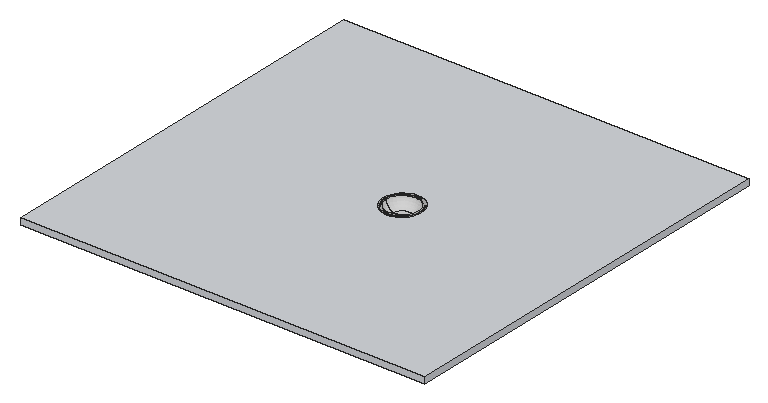
Revit family "RLC8ML", category Lighting Fixtures, host Face, Revit 2014
Parameters (values of type "RLC6ML")
  Wattage Comments = "52W - 68W"
  Wattage = 52 W
  Warranty = "5 Year Warranty"
  built-in parameter 1150110 = 1 (stored number, unit not read)
  Voltage = 120 V
  URL = "http://www.prescolite.com/"
  built-in parameter 1114217 = 1 (stored number, unit not read)
  Tilt Angle = -90.00°  # constant formula
  built-in parameter 1150109 = 1 (stored number, unit not read)
  built-in parameter 1150134 = (empty or 0)
  built-in parameter 1150113 = 1 (stored number, unit not read)
  Product Page URL = "https://www.hubbell.com/hubbelllightingci/en/Products/Lighting-Controls/Commercial-Indoor-Lighting/Recessed-Downlights/RLC8/p/213019"
  Product Documentation Link = "https://hubbellcdn.com/specsheet/rtf_025.pdf"
  Photometric Web File = "RLC8HL-8LCHL45L30K8.ies"
  Model = "RLC8ML"  # constant formula
  Manufacturer = "Prescolite"  # constant formula
  built-in parameter 1150105 = 614.67 (stored number, unit not read)
  Lumens = 7724.18 lm
  built-in parameter 1150115 = 1 (stored number, unit not read)
  Load Classification = Lighting
  built-in parameter 1150137 = (empty or 0)
  built-in parameter 1150139 = (empty or 0)
  built-in parameter 1150112 = 1 (stored number, unit not read)
  built-in parameter 1150114 = 1 (stored number, unit not read)
  Lamp = "LED"
  Input Watts = 52 W
  built-in parameter 1150132 = (empty or 0)
  built-in parameter 1150102 = (empty or 0)
  built-in parameter 1150107 = 3000 (stored number, unit not read)
  built-in parameter 1150138 = (empty or 0)
  built-in parameter 1150106 = 6.1467 (stored number, unit not read)
  Housing = Hubbell - Steel
  Reflector = Hubbell - Aluminum
  Emit from Circle Diameter = 8"  # constant formula
  Emit Shape Visible in Rendering = no
  built-in parameter 1150104 = 13.8 (stored number, unit not read)
  Dimming Lamp Color Temperature Shift = <None>
  Description = "Retroficient is designed specifically to retrofit into ceilings with existing recessed downlight fixtures"  # constant formula
  Default Elevation = 48"
  Contact us = "https://www.hubbell.com/prescolite/en/contactUs"
  Color Filter = 16777215
  Certifications = "CSA & Wet Listed"
  built-in parameter 1114218 = 1 (stored number, unit not read)
  Back Plate = Hubbell - Black
  built-in parameter 1150133 = 10 (stored number, unit not read)
  Apparent Load = 0 VA
Reference planes (in)
  plane 1 "Center (Front/Back)": y = 0
  plane 2: z = 0
  plane 3 "Center (Left/Right)": x = 0
  plane 4: x = -6.5004
  plane 5: z = -3
  plane 6: x = 0.0625
  plane 7: z = -0.8125
  plane 8: z = -7
  plane 9: z = -3.125
  plane 10: x = -3.25
  plane 11: x = 4.2496
  plane 12: y = 1.99568
  plane 13: y = -1.99568
  plane 14: z = 0.0625
  plane 15: z = 0.1875
Forms (in)
  Extrusion 1, solid
    sketch origin (0, 0, 0) x (1, 0, 0) y (0, 1, 0)
      loop
        line (-48, 48) -> (-48, -48) -> (48, -48) -> (48, 48) -> (-48, 48)
    from -0.0625 to -1.5
  Extrusion 2, solid, material "Hubbell - Steel" <- "Housing"
    sketch origin (0, 0, 0) x (1, 0, 0) y (0, 1, 0)
      loop
        circle (4.2496, 0) r 4.5
      loop
        circle (4.2496, 0) r 3.875
    from 0 to 0.0625
  Revolve 3, solid, material "Hubbell - Aluminum" <- "Reflector"
    sketch origin (0, 0, -0.13258) x (1, 0, 0) y (0, 0, 1)
      loop
        line (3.12998, -4.3637) -> (3.12998, -6.86742) -> (4.2496, -6.86742) -> (4.2496, -2.2006) -> (2.1525, -2.2006)
        arc (2.1525, -2.2006) -> (0.83476, -1.29797) -> (0.1243, 0.13258) r 3.1705
        line (0.1243, 0.13258) -> (0.0618, 0.13258)
        arc (0.0618, 0.13258) -> (0.20112, -1.47855) -> (0.6186, -3.04087) r 9.2597
        arc (0.6186, -3.04087) -> (1.00209, -3.73043) -> (1.47273, -4.3637) r 6.00024
        line (1.47273, -4.3637) -> (3.12998, -4.3637)
      axis (4.2496, 0.13258) -> (4.2496, -6.86742)
    angle from 0 to 360
  Extrusion 4, solid, material "Hubbell - Steel" <- "Housing"
    sketch origin (0, 0, 0) x (1, 0, 0) y (0, 1, 0)
      loop
        line (0.22342, 1) -> (-0.65625, 1) -> (-1.65193, 1.99568) -> (-6.5004, 1.99568) -> (-6.5004, 0) -> (-6.5004, -1.99568) -> (-1.65193, -1.99568) -> (-0.65625, -1) -> (0.22342, -1)
        arc (0.22342, -1) -> (0.0625, 0) -> (0.22342, 1) r 3.1875
    from -3.125 to -3
  Extrusion 5, solid, material "Hubbell - Steel" <- "Housing"
    sketch origin (0, 0, 0) x (1, 0, 0) y (0, 1, 0)
      loop
        line (-6.5004, 1.99568) -> (-6.5004, -1.99568) -> (-3.25, -1.99568) -> (-3.25, 1.99568) -> (-6.5004, 1.99568)
    from -3.125 to -7
  Extrusion 6, solid, material "Hubbell - Black" <- "Back Plate"
    sketch origin (2.38338, -179.7047, -4.14055) x (0, -1, 0) y (-1, 0, 0)
      loop
        line (-180.82431, -1.91699) -> (-180.82431, -1.81543) -> (-182.54239, -1.81543) -> (-182.54239, -1.91699) -> (-180.82431, -1.91699)
    from 0.60573 to 2.85945
  Revolve 7, solid, material "Hubbell - Steel" <- "Housing"
    sketch origin (0, 0, 0) x (1, 0, 0) y (0, 0, 1)
      loop
        line (0, 0) -> (0, -0.8125) -> (0.0625, -0.8125) -> (0.0625, 0) -> (0, 0)
      axis (4.2496, 0) -> (4.2496, -0.8125)
    angle from 0 to 360
  Extrusion 8, solid, material "Hubbell - Steel" <- "Housing"
    sketch origin (1.38379, -180, 0) x (0, -1, 0) y (1, 0, 0)
      loop
        line (-179, -1.22612) -> (-179, -1.16036)
        arc (-179, -1.16036) -> (-180, -1.32129) -> (-181, -1.16036) r 3.1875
        line (-181, -1.16036) -> (-181, -1.22612)
        arc (-181, -1.22612) -> (-180, -1.38379) -> (-179, -1.22612) r 3.25
    from -3.125 to -0.8125
  Extrusion 9, solid, material "Hubbell - Black" <- "Back Plate"
    sketch origin (30.51837, -177.78417, -4.14055) x (0.156434, -0.987688, 0) y (-0.987688, -0.156434, 0)
      loop
        line (-180.82431, -1.91699) -> (-180.82431, -1.81543) -> (-182.54239, -1.81543) -> (-182.54239, -1.91699) -> (-180.82431, -1.91699)
    from 0.60573 to 2.85945
  Extrusion 10, solid, material "Hubbell - Black" <- "Back Plate"
    sketch origin (-25.70565, -177.20029, -4.14055) x (-0.156434, -0.987688, 0) y (-0.987688, 0.156434, 0)
      loop
        line (-180.82431, -1.91699) -> (-180.82431, -1.81543) -> (-182.54239, -1.81543) -> (-182.54239, -1.91699) -> (-180.82431, -1.91699)
    from 0.60573 to 2.85945
  Extrusion 11, solid, material "Hubbell - Black" <- "Back Plate"
    sketch origin (-53.05708, -170.33263, -4.14055) x (-0.309017, -0.951057, 0) y (-0.951057, 0.309017, 0)
      loop
        line (-180.82431, -1.91699) -> (-180.82431, -1.81543) -> (-182.54239, -1.81543) -> (-182.54239, -1.91699) -> (-180.82431, -1.91699)
    from 0.60573 to 2.85945
  Extrusion 12, solid, material "Hubbell - Black" <- "Back Plate"
    sketch origin (-78.99744, -159.27081, -4.14055) x (-0.45399, -0.891007, 0) y (-0.891007, 0.45399, 0)
      loop
        line (-180.82431, -1.91699) -> (-180.82431, -1.81543) -> (-182.54239, -1.81543) -> (-182.54239, -1.91699) -> (-180.82431, -1.91699)
    from 0.60573 to 2.85945
  Extrusion 13, solid, material "Hubbell - Black" <- "Back Plate"
    sketch origin (-102.88797, -144.28722, -4.14055) x (-0.587785, -0.809017, 0) y (-0.809017, 0.587785, 0)
      loop
        line (-180.82431, -1.91699) -> (-180.82431, -1.81543) -> (-182.54239, -1.81543) -> (-182.54239, -1.91699) -> (-180.82431, -1.91699)
    from 0.60573 to 2.85945
  Extrusion 14, solid, material "Hubbell - Black" <- "Back Plate"
    sketch origin (-124.14043, -125.7508, -4.14055) x (-0.707107, -0.707107, 0) y (-0.707107, 0.707107, 0)
      loop
        line (-180.82431, -1.91699) -> (-180.82431, -1.81543) -> (-182.54239, -1.81543) -> (-182.54239, -1.91699) -> (-180.82431, -1.91699)
    from 0.60573 to 2.85945
  Extrusion 15, solid, material "Hubbell - Black" <- "Back Plate"
    sketch origin (-142.23149, -104.11797, -4.14055) x (-0.809017, -0.587785, 0) y (-0.587785, 0.809017, 0)
      loop
        line (-180.82431, -1.91699) -> (-180.82431, -1.81543) -> (-182.54239, -1.81543) -> (-182.54239, -1.91699) -> (-180.82431, -1.91699)
    from 0.60573 to 2.85945
  Extrusion 16, solid, material "Hubbell - Black" <- "Back Plate"
    sketch origin (-156.7157, -79.92142, -4.14055) x (-0.891007, -0.45399, 0) y (-0.45399, 0.891007, 0)
      loop
        line (-180.82431, -1.91699) -> (-180.82431, -1.81543) -> (-182.54239, -1.81543) -> (-182.54239, -1.91699) -> (-180.82431, -1.91699)
    from 0.60573 to 2.85945
  Extrusion 17, solid, material "Hubbell - Black" <- "Back Plate"
    sketch origin (-167.23642, -53.75693, -4.14055) x (-0.951057, -0.309017, 0) y (-0.309017, 0.951057, 0)
      loop
        line (-180.82431, -1.91699) -> (-180.82431, -1.81543) -> (-182.54239, -1.81543) -> (-182.54239, -1.91699) -> (-180.82431, -1.91699)
    from 0.60573 to 2.85945
  Extrusion 18, solid, material "Hubbell - Black" <- "Back Plate"
    sketch origin (-173.53458, -26.26877, -4.14055) x (-0.987688, -0.156434, 0) y (-0.156434, 0.987688, 0)
      loop
        line (-180.82431, -1.91699) -> (-180.82431, -1.81543) -> (-182.54239, -1.81543) -> (-182.54239, -1.91699) -> (-180.82431, -1.91699)
    from 0.60573 to 2.85945
  Extrusion 19, solid, material "Hubbell - Black" <- "Back Plate"
    sketch origin (-175.4551, 1.86621, -4.14055) x (-1, 0, 0) y (0, 1, 0)
      loop
        line (-180.82431, -1.91699) -> (-180.82431, -1.81543) -> (-182.54239, -1.81543) -> (-182.54239, -1.91699) -> (-180.82431, -1.91699)
    from 0.60573 to 2.85945
  Extrusion 20, solid, material "Hubbell - Black" <- "Back Plate"
    sketch origin (-172.9507, 29.95524, -4.14055) x (-0.987688, 0.156434, 0) y (0.156434, 0.987688, 0)
      loop
        line (-180.82431, -1.91699) -> (-180.82431, -1.81543) -> (-182.54239, -1.81543) -> (-182.54239, -1.91699) -> (-180.82431, -1.91699)
    from 0.60573 to 2.85945
  Extrusion 21, solid, material "Hubbell - Black" <- "Back Plate"
    sketch origin (-166.08304, 57.30668, -4.14055) x (-0.951057, 0.309017, 0) y (0.309017, 0.951057, 0)
      loop
        line (-180.82431, -1.91699) -> (-180.82431, -1.81543) -> (-182.54239, -1.81543) -> (-182.54239, -1.91699) -> (-180.82431, -1.91699)
    from 0.60573 to 2.85945
  Extrusion 22, solid, material "Hubbell - Black" <- "Back Plate"
    sketch origin (-155.02122, 83.24703, -4.14055) x (-0.891007, 0.45399, 0) y (0.45399, 0.891007, 0)
      loop
        line (-180.82431, -1.91699) -> (-180.82431, -1.81543) -> (-182.54239, -1.81543) -> (-182.54239, -1.91699) -> (-180.82431, -1.91699)
    from 0.60573 to 2.85945
  Extrusion 23, solid, material "Hubbell - Black" <- "Back Plate"
    sketch origin (-140.03763, 107.13757, -4.14055) x (-0.809017, 0.587785, 0) y (0.587785, 0.809017, 0)
      loop
        line (-180.82431, -1.91699) -> (-180.82431, -1.81543) -> (-182.54239, -1.81543) -> (-182.54239, -1.91699) -> (-180.82431, -1.91699)
    from 0.60573 to 2.85945
  Extrusion 24, solid, material "Hubbell - Black" <- "Back Plate"
    sketch origin (-121.5012, 128.39002, -4.14055) x (-0.707107, 0.707107, 0) y (0.707107, 0.707107, 0)
      loop
        line (-180.82431, -1.91699) -> (-180.82431, -1.81543) -> (-182.54239, -1.81543) -> (-182.54239, -1.91699) -> (-180.82431, -1.91699)
    from 0.60573 to 2.85945
  Extrusion 25, solid, material "Hubbell - Black" <- "Back Plate"
    sketch origin (-99.86838, 146.48109, -4.14055) x (-0.587785, 0.809017, 0) y (0.809017, 0.587785, 0)
      loop
        line (-180.82431, -1.91699) -> (-180.82431, -1.81543) -> (-182.54239, -1.81543) -> (-182.54239, -1.91699) -> (-180.82431, -1.91699)
    from 0.60573 to 2.85945
  Extrusion 26, solid, material "Hubbell - Black" <- "Back Plate"
    sketch origin (-75.67182, 160.9653, -4.14055) x (-0.45399, 0.891007, 0) y (0.891007, 0.45399, 0)
      loop
        line (-180.82431, -1.91699) -> (-180.82431, -1.81543) -> (-182.54239, -1.81543) -> (-182.54239, -1.91699) -> (-180.82431, -1.91699)
    from 0.60573 to 2.85945
  Extrusion 27, solid, material "Hubbell - Black" <- "Back Plate"
    sketch origin (-49.50734, 171.48601, -4.14055) x (-0.309017, 0.951057, 0) y (0.951057, 0.309017, 0)
      loop
        line (-180.82431, -1.91699) -> (-180.82431, -1.81543) -> (-182.54239, -1.81543) -> (-182.54239, -1.91699) -> (-180.82431, -1.91699)
    from 0.60573 to 2.85945
  Extrusion 28, solid, material "Hubbell - Black" <- "Back Plate"
    sketch origin (-22.01918, 177.78417, -4.14055) x (-0.156434, 0.987688, 0) y (0.987688, 0.156434, 0)
      loop
        line (-180.82431, -1.91699) -> (-180.82431, -1.81543) -> (-182.54239, -1.81543) -> (-182.54239, -1.91699) -> (-180.82431, -1.91699)
    from 0.60573 to 2.85945
  Extrusion 29, solid, material "Hubbell - Black" <- "Back Plate"
    sketch origin (6.11581, 179.7047, -4.14055) x (0, 1, 0) y (1, 0, 0)
      loop
        line (-180.82431, -1.91699) -> (-180.82431, -1.81543) -> (-182.54239, -1.81543) -> (-182.54239, -1.91699) -> (-180.82431, -1.91699)
    from 0.60573 to 2.85945
  Extrusion 30, solid, material "Hubbell - Black" <- "Back Plate"
    sketch origin (34.20484, 177.20029, -4.14055) x (0.156434, 0.987688, 0) y (0.987688, -0.156434, 0)
      loop
        line (-180.82431, -1.91699) -> (-180.82431, -1.81543) -> (-182.54239, -1.81543) -> (-182.54239, -1.91699) -> (-180.82431, -1.91699)
    from 0.60573 to 2.85945
  Extrusion 31, solid, material "Hubbell - Black" <- "Back Plate"
    sketch origin (61.55627, 170.33263, -4.14055) x (0.309017, 0.951057, 0) y (0.951057, -0.309017, 0)
      loop
        line (-180.82431, -1.91699) -> (-180.82431, -1.81543) -> (-182.54239, -1.81543) -> (-182.54239, -1.91699) -> (-180.82431, -1.91699)
    from 0.60573 to 2.85945
  Extrusion 32, solid, material "Hubbell - Black" <- "Back Plate"
    sketch origin (87.49663, 159.27081, -4.14055) x (0.45399, 0.891007, 0) y (0.891007, -0.45399, 0)
      loop
        line (-180.82431, -1.91699) -> (-180.82431, -1.81543) -> (-182.54239, -1.81543) -> (-182.54239, -1.91699) -> (-180.82431, -1.91699)
    from 0.60573 to 2.85945
  Extrusion 33, solid, material "Hubbell - Black" <- "Back Plate"
    sketch origin (111.38716, 144.28722, -4.14055) x (0.587785, 0.809017, 0) y (0.809017, -0.587785, 0)
      loop
        line (-180.82431, -1.91699) -> (-180.82431, -1.81543) -> (-182.54239, -1.81543) -> (-182.54239, -1.91699) -> (-180.82431, -1.91699)
    from 0.60573 to 2.85945
  Extrusion 34, solid, material "Hubbell - Black" <- "Back Plate"
    sketch origin (132.63962, 125.7508, -4.14055) x (0.707107, 0.707107, 0) y (0.707107, -0.707107, 0)
      loop
        line (-180.82431, -1.91699) -> (-180.82431, -1.81543) -> (-182.54239, -1.81543) -> (-182.54239, -1.91699) -> (-180.82431, -1.91699)
    from 0.60573 to 2.85945
  Extrusion 35, solid, material "Hubbell - Black" <- "Back Plate"
    sketch origin (150.73068, 104.11797, -4.14055) x (0.809017, 0.587785, 0) y (0.587785, -0.809017, 0)
      loop
        line (-180.82431, -1.91699) -> (-180.82431, -1.81543) -> (-182.54239, -1.81543) -> (-182.54239, -1.91699) -> (-180.82431, -1.91699)
    from 0.60573 to 2.85945
  Extrusion 36, solid, material "Hubbell - Black" <- "Back Plate"
    sketch origin (165.2149, 79.92142, -4.14055) x (0.891007, 0.45399, 0) y (0.45399, -0.891007, 0)
      loop
        line (-180.82431, -1.91699) -> (-180.82431, -1.81543) -> (-182.54239, -1.81543) -> (-182.54239, -1.91699) -> (-180.82431, -1.91699)
    from 0.60573 to 2.85945
  Extrusion 37, solid, material "Hubbell - Black" <- "Back Plate"
    sketch origin (175.73561, 53.75693, -4.14055) x (0.951057, 0.309017, 0) y (0.309017, -0.951057, 0)
      loop
        line (-180.82431, -1.91699) -> (-180.82431, -1.81543) -> (-182.54239, -1.81543) -> (-182.54239, -1.91699) -> (-180.82431, -1.91699)
    from 0.60573 to 2.85945
  Extrusion 38, solid, material "Hubbell - Black" <- "Back Plate"
    sketch origin (182.03377, 26.26877, -4.14055) x (0.987688, 0.156434, 0) y (0.156434, -0.987688, 0)
      loop
        line (-180.82431, -1.91699) -> (-180.82431, -1.81543) -> (-182.54239, -1.81543) -> (-182.54239, -1.91699) -> (-180.82431, -1.91699)
    from 0.60573 to 2.85945
  Extrusion 39, solid, material "Hubbell - Black" <- "Back Plate"
    sketch origin (183.95429, -1.86621, -4.14055) x (1, 0, 0) y (0, -1, 0)
      loop
        line (-180.82431, -1.91699) -> (-180.82431, -1.81543) -> (-182.54239, -1.81543) -> (-182.54239, -1.91699) -> (-180.82431, -1.91699)
    from 0.60573 to 2.85945
  Extrusion 40, solid, material "Hubbell - Black" <- "Back Plate"
    sketch origin (181.44989, -29.95524, -4.14055) x (0.987688, -0.156434, 0) y (-0.156434, -0.987688, 0)
      loop
        line (-180.82431, -1.91699) -> (-180.82431, -1.81543) -> (-182.54239, -1.81543) -> (-182.54239, -1.91699) -> (-180.82431, -1.91699)
    from 0.60573 to 2.85945
  Extrusion 41, solid, material "Hubbell - Black" <- "Back Plate"
    sketch origin (174.58223, -57.30668, -4.14055) x (0.951057, -0.309017, 0) y (-0.309017, -0.951057, 0)
      loop
        line (-180.82431, -1.91699) -> (-180.82431, -1.81543) -> (-182.54239, -1.81543) -> (-182.54239, -1.91699) -> (-180.82431, -1.91699)
    from 0.60573 to 2.85945
  Extrusion 42, solid, material "Hubbell - Black" <- "Back Plate"
    sketch origin (163.52041, -83.24703, -4.14055) x (0.891007, -0.45399, 0) y (-0.45399, -0.891007, 0)
      loop
        line (-180.82431, -1.91699) -> (-180.82431, -1.81543) -> (-182.54239, -1.81543) -> (-182.54239, -1.91699) -> (-180.82431, -1.91699)
    from 0.60573 to 2.85945
  Extrusion 43, solid, material "Hubbell - Black" <- "Back Plate"
    sketch origin (148.53682, -107.13757, -4.14055) x (0.809017, -0.587785, 0) y (-0.587785, -0.809017, 0)
      loop
        line (-180.82431, -1.91699) -> (-180.82431, -1.81543) -> (-182.54239, -1.81543) -> (-182.54239, -1.91699) -> (-180.82431, -1.91699)
    from 0.60573 to 2.85945
  Extrusion 44, solid, material "Hubbell - Black" <- "Back Plate"
    sketch origin (130.00039, -128.39002, -4.14055) x (0.707107, -0.707107, 0) y (-0.707107, -0.707107, 0)
      loop
        line (-180.82431, -1.91699) -> (-180.82431, -1.81543) -> (-182.54239, -1.81543) -> (-182.54239, -1.91699) -> (-180.82431, -1.91699)
    from 0.60573 to 2.85945
  Extrusion 45, solid, material "Hubbell - Black" <- "Back Plate"
    sketch origin (108.36757, -146.48109, -4.14055) x (0.587785, -0.809017, 0) y (-0.809017, -0.587785, 0)
      loop
        line (-180.82431, -1.91699) -> (-180.82431, -1.81543) -> (-182.54239, -1.81543) -> (-182.54239, -1.91699) -> (-180.82431, -1.91699)
    from 0.60573 to 2.85945
  Extrusion 46, solid, material "Hubbell - Black" <- "Back Plate"
    sketch origin (84.17101, -160.9653, -4.14055) x (0.45399, -0.891007, 0) y (-0.891007, -0.45399, 0)
      loop
        line (-180.82431, -1.91699) -> (-180.82431, -1.81543) -> (-182.54239, -1.81543) -> (-182.54239, -1.91699) -> (-180.82431, -1.91699)
    from 0.60573 to 2.85945
  Extrusion 47, solid, material "Hubbell - Black" <- "Back Plate"
    sketch origin (58.00653, -171.48601, -4.14055) x (0.309017, -0.951057, 0) y (-0.951057, -0.309017, 0)
      loop
        line (-180.82431, -1.91699) -> (-180.82431, -1.81543) -> (-182.54239, -1.81543) -> (-182.54239, -1.91699) -> (-180.82431, -1.91699)
    from 0.60573 to 2.85945
  Extrusion 48, void
    sketch origin (1.38379, -180, 0) x (0, -1, 0) y (1, 0, 0)
      loop
        circle (-180, 2.86581) r 4.2496
    from -0.0625 to -3.125
Cuts and joins
  joined: Extrusion 4, Extrusion 8
  Extrusion 48 cuts Extrusion 2
Dimensions and locks (in)
  plane 4 to plane 3 "Center (Left/Right)" = 6.5004"
  locked: plane 1 "Center (Front/Back)" to Extrusion 4 sketch curve at 1
  Extrusion 4 sketch curve to plane 1 "Center (Front/Back)" = 1"
  locked: plane 6 to plane 3 "Center (Left/Right)" at 0.0625
  locked: plane 2 to plane 8 at 7
  locked: plane 2 to plane 5 at 3
  locked: plane 5 to plane 9 at 0.125
  locked: plane 4 to plane 11 at 10.75
  equal spacing: plane 13, plane 1 "Center (Front/Back)", plane 12, locked at 1.99568 each
  locked: plane 14 to plane 2 at 0.0625
  aligned and locked: plane 5 to Extrusion 4
  aligned and locked: Revolve 7 sketch curve to plane 3 "Center (Left/Right)"
  aligned and locked: plane 6 to Revolve 7 sketch curve
  aligned and locked: plane 7 to Revolve 7 sketch curve
  aligned and locked: plane 8 to Revolve 3 sketch curve
  aligned and locked: Extrusion 5 to Extrusion 6
  aligned and locked: Extrusion 4 to plane 9
  aligned and locked: Extrusion 5 to Extrusion 4
  aligned and locked: plane 10 to Extrusion 5
  aligned and locked: cut or joined group of Extrusion 4, Extrusion 8 to Extrusion 8
  aligned and locked: imposter light to plane 1 "Center (Front/Back)"
  aligned and locked: plane 11 to Revolve 3 sketch curve  (x2)
  aligned and locked: Extrusion 5 to plane 4
  aligned and locked: cut or joined group of Extrusion 4, Extrusion 8 to plane 4
  aligned and locked: plane 12 to cut or joined group of Extrusion 4, Extrusion 8
  aligned and locked: plane 13 to cut or joined group of Extrusion 4, Extrusion 8
  aligned and locked: Extrusion 48 to plane 9
  aligned and locked: Extrusion 2 to plane 2
  aligned and locked: plane 14 to Extrusion 2
  aligned and locked: Revolve 7 sketch curve to plane 2
  aligned and locked: Revolve 3 sketch curve to plane 2
  aligned and locked: imposter light to plane 15
Automatic sketch dimensions
  Extrusion 1 sketch curve to Extrusion 1 sketch curve = 96"  (x2)
  Extrusion 2 sketch curve to Extrusion 2 sketch curve = 0"  (x2)
  plane 1 "Center (Front/Back)" to Extrusion 2 sketch curve = 0"
  Extrusion 2 sketch curve to plane 11 = 0"
  Extrusion 4 sketch curve to plane 4 = 0"
  Extrusion 4 sketch curve to plane 12 = 0"
  plane 13 to Extrusion 4 sketch curve = 0"
  plane 1 "Center (Front/Back)" to Extrusion 4 sketch curve = 0"  (x2)
  plane 10 to Extrusion 4 sketch curve = 1.59807"  (x2)
  Extrusion 4 sketch curve to plane 3 "Center (Left/Right)" = 21/32"  (x2)
  plane 3 "Center (Left/Right)" to Extrusion 4 sketch curve = 0.22342"
  plane 11 to Extrusion 4 sketch curve = 0.9996"
  Extrusion 5 sketch curve to plane 4 = 0"
  Extrusion 5 sketch curve to plane 10 = 0"
  plane 13 to Extrusion 5 sketch curve = 0"
  Extrusion 5 sketch curve to plane 12 = 0"
  plane 11 to Revolve 7 sketch curve = 0"
  Revolve 7 sketch curve to plane 9 = 0.42176"
  level to Revolve 7 sketch curve = 2 5/8"
  Extrusion 8 sketch curve to Extrusion 8 sketch curve = 0"  (x2)
  plane 1 "Center (Front/Back)" to Extrusion 8 sketch curve = 0"
  plane 3 "Center (Left/Right)" to Extrusion 8 sketch curve = 0.22342"
  Extrusion 8 sketch curve to plane 12 = 0.99568"
  plane 3 "Center (Left/Right)" to Extrusion 8 sketch curve = 0.15767"
  Extrusion 8 sketch curve to plane 13 = 0.99568"
  plane 11 to Extrusion 8 sketch curve = 0.9996"
  plane 1 "Center (Front/Back)" to Extrusion 48 sketch curve = 0"
  Extrusion 48 sketch curve to plane 11 = 0"
  plane 11 to Revolve 3 sketch curve = 1.02203"
  plane 11 to Revolve 3 sketch curve = 1.11962"
  plane 5 to Revolve 3 sketch curve = 0.66682"
  plane 11 to Revolve 3 sketch curve = 2.09709"
  Revolve 3 sketch curve to plane 9 = 0.04845"
  plane 3 "Center (Left/Right)" to Revolve 3 sketch curve = 0.1243"
  Revolve 3 sketch curve to level = 0.60825"
  Revolve 3 sketch curve to plane 11 = 1.79327"
  Revolve 3 sketch curve to level = 0.01091"
  Revolve 3 sketch curve to plane 8 = 3.88258"
  Revolve 3 sketch curve to Revolve 3 sketch curve = 0.71793"
  Revolve 3 sketch curve to plane 9 = 1.37128"
  plane 3 "Center (Left/Right)" to Revolve 3 sketch curve = 0.0618"
  plane 3 "Center (Left/Right)" to Revolve 3 sketch curve = 0.6186"
  radius of Extrusion 2 sketch curve = 4 1/2"
  radius of Extrusion 2 sketch curve = 3 7/8"
  radius of Extrusion 48 sketch curve = 4.2496"
Connectors (in)
  electrical at (-4.8752, 0, -7), driven by "Voltage", driven by "Apparent Load", driven by "Load Classification"
    settings: on Extrusion 5, index 1, voltage 120 V, apparent load 0 VA, apparent load phase1 0 VA, apparent load phase2 0 VA, apparent load phase3 0 VA, power factor 1, load classification "Lighting", number of poles 1, system type 30, power factor state 1, is connector primary yes, connector utility no, sub classification motor no, connector description "Electrical Connector"
